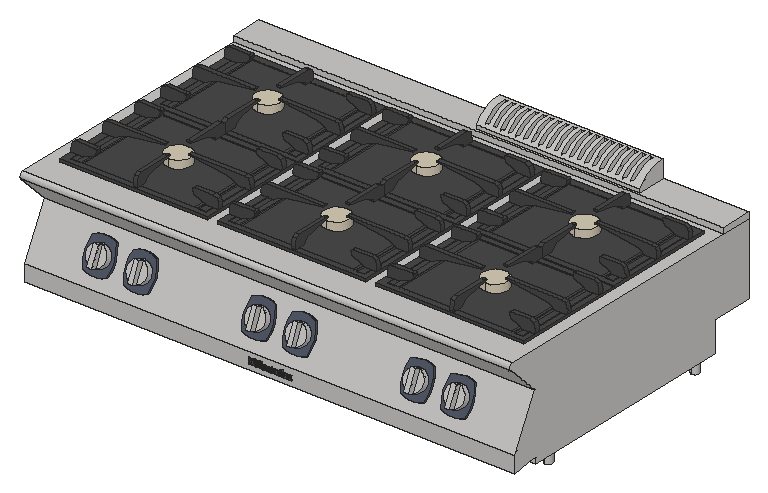
Revit family "QF_ELECTROLUXPROFESSIONAL_371004_E7GCGL6C00", category Specialty Equipment, Revit 2018
Family settings
  Round Connector Dimension = Use Diameter
  Part Type = Normal
  Work Plane-Based = No
  Always vertical = Yes
  Cut with Voids When Loaded = No
  Shared = No
  Room Calculation Point = No
Parameters
  Width = 1200 mm  # constant formula
  Weight in Pounds = 121  # constant formula
  Watts = 0 W
  URL Cutsheet = "www.electrolux.com"
  URL = "www.electrolux.com"
  Type Mark [instance] = ""
  Status [instance] = ""
  Specification by User [instance] = ""
  Specification by Manufacturer = ""
  Show Logo [instance] = yes
  Show Clearance [instance] = yes
  Serial Number = ""
  Seismic Rating = ""
  SMACNA No = ""
  Revision Code [instance] = ""
  Omniclass Number and Title = ""
  NAFEM Spec ID Number = ""
  Model = "371004"
  Mechanical Remarks [instance] = ""
  Mechanical Connection Type [instance] = ""
  Masterspec = ""
  Manufacturer = "ELECTROLUX"
  Item Number [instance] = ""
  Installed By [instance] = ""
  Identify Quantity as Lot [instance] = yes
  Height = 250.8 mm  # constant formula
  HP = "0 HP"
  Gas Size = 12.7 mm  # 1/2"
  Gas RI Height [instance] = 0 mm
  Gas KW [instance] = 33  # constant formula
  Gas Input [instance] = 32969.6 VA  # 112497.0 Btu/h
  Gas Connection Height = 0 mm
  Furnished By [instance] = ""
  Foodservice Equipment Identifier [instance] = yes
  Direct Waste Size = 0"
  Description = "700XP 6-Burner Gas Boiling Top"
  Depth = 730 mm  # constant formula
  CSI MasterFormat = ""
  CSI Master Format = ""
  Assembly Code = ""
Reference planes
  plane 1 "BACK": y = 0
  plane 2: z = 0
  plane 3 "LEFT": x = 0
  plane 4 "RIGHT": x = 1200
  plane 5 "FRONT": y = -730
  plane 6 "TOP": z = 303.188
  plane 7 "Center Y": x = 600
  plane 8 "Center X": y = -365
  plane 9 "Base Height": z = 23.813
  plane 10: z = 274.613
  plane 11: z = 331.787
Forms (mm)
  Extrusion 1, solid, material "QF_Finishes_Stainless Steel"
    sketch origin (0, 0, 0) x (0, 1, 0) y (0, 0, 1)
      loop
        line (0, 98.425) -> (0, 274.612) -> (-721.5, 274.612)
        arc (-721.5, 274.612) -> (-729.472, 269.285) -> (-727.602, 259.881) r 8.63
        line (-727.602, 259.881) -> (-654.039, 186.318) -> (-715.962, 68.584) -> (-715.962, 30.162) -> (-655.839, 38.612)
        arc (-655.839, 38.612) -> (-653.314, 37.864) -> (-652.222, 35.468) r 3.175
        line (-652.222, 35.468) -> (-652.222, 23.813) -> (-103.188, 23.813) -> (-103.188, 98.425) -> (0, 98.425)
    from 0 to 1200
  Extrusion 2, solid, material "QF_Finishes_Stainless Steel"
    sketch origin (0, 0, 0) x (0, 1, 0) y (0, 0, 1)
      loop
        line (0, 274.612) -> (0, 288.9) -> (-76.2, 288.9) -> (-76.2, 274.612) -> (0, 274.612)
    from 0 to 1200
  Extrusion 3, solid, material "QF_Finishes_Stainless Steel"
    sketch origin (0, 0, 0) x (1, 0, 0) y (0, 1, 0)
      loop
        circle (11.112, -149.225) r 9.525
      loop
        circle (1188.888, -149.225) r 9.525
      loop
        circle (11.112, -598.488) r 9.525
      loop
        circle (1188.888, -598.488) r 9.525
    from 0 to 23.812
  Extrusion 4, solid, material "QF_Finishes_Stainless Steel"
    sketch origin (0, -103.188, 23.813) x (0, 0, 1) y (1, 0, 0)
      loop
        circle (36.513, 1100) r 6.35
    from 0 to 26.988
  Extrusion 5, solid, material "QF_Finishes_Clearance", visible <- "Show Clearance", detail levels coarse
    sketch origin (0, 0, 0) x (1, 0, 0) y (0, 1, 0)
      loop
        line (0, -730) -> (0, 0) -> (1200, 0) -> (1200, -730) -> (1350, -730) -> (1350, 150) -> (-150, 150) -> (-150, -730) -> (0, -730)
    from 0 to 331.787
  Extrusion 6, solid, material "QF_Finishes_Navy Blue"
    sketch origin (-377.256, -713.772, 69.003) x (0, 0.418102, 0.9084) y (-1, 0, 0)
      loop
        arc (102.623, -510.47) -> (67.041, -502.846) -> (31.333, -509.853) r 90.5
        arc (31.333, -509.853) -> (24.507, -539.04) -> (31.333, -568.228) r 65.817
        arc (31.333, -568.228) -> (67.04, -575.188) -> (102.623, -567.615) r 91.066
        arc (102.623, -567.615) -> (109.179, -539.043) -> (102.623, -510.47) r 65.546
    from 0 to 3.175
  Extrusion 7, solid, material "QF_Finishes_Stainless Steel"
    sketch origin (1.494, -717.485, 68.529) x (0, 0.418102, 0.9084) y (-1, 0, 0)
      loop
        circle (68.826, -160.963) r 25.4
    from 0 to 12.7
  Extrusion 8, solid, material "QF_Finishes_Stainless Steel"
    sketch origin (1.494, -729.022, 73.839) x (0, 0.418102, 0.9084) y (-1, 0, 0)
      loop
        arc (93.558, -166.749) -> (94.226, -160.963) -> (93.558, -155.177) r 25.4
        line (93.558, -155.177) -> (44.094, -155.177)
        arc (44.094, -155.177) -> (43.426, -160.963) -> (44.094, -166.749) r 25.4
        line (44.094, -166.749) -> (93.558, -166.749)
    from 0 to 12.7
  Extrusion 9, solid, material "QF_Finishes_Navy Blue"
    sketch origin (-277.256, -713.772, 69.003) x (0, 0.418102, 0.9084) y (-1, 0, 0)
      loop
        arc (102.623, -510.47) -> (67.041, -502.846) -> (31.333, -509.853) r 90.5
        arc (31.333, -509.853) -> (24.507, -539.04) -> (31.333, -568.228) r 65.817
        arc (31.333, -568.228) -> (67.04, -575.188) -> (102.623, -567.615) r 91.066
        arc (102.623, -567.615) -> (109.179, -539.043) -> (102.623, -510.47) r 65.546
    from 0 to 3.175
  Extrusion 10, solid, material "QF_Finishes_Stainless Steel"
    sketch origin (101.494, -717.485, 68.529) x (0, 0.418102, 0.9084) y (-1, 0, 0)
      loop
        circle (68.826, -160.963) r 25.4
    from 0 to 12.7
  Extrusion 11, solid, material "QF_Finishes_Stainless Steel"
    sketch origin (101.494, -729.022, 73.839) x (0, 0.418102, 0.9084) y (-1, 0, 0)
      loop
        arc (93.558, -166.749) -> (94.226, -160.963) -> (93.558, -155.177) r 25.4
        line (93.558, -155.177) -> (44.094, -155.177)
        arc (44.094, -155.177) -> (43.426, -160.963) -> (44.094, -166.749) r 25.4
        line (44.094, -166.749) -> (93.558, -166.749)
    from 0 to 12.7
  Extrusion 12, solid, material "QF_Finishes_Navy Blue", visible <- "Show Logo"
    sketch origin (261.839, -715.962, 35.665) x (0, 0, 1) y (-1, 0, 0)
      loop
        line (20.674, -296.698) -> (8.307, -296.698)
        arc (8.307, -296.698) -> (14.491, -301.27) -> (20.674, -296.698) r 6.467
      loop
        arc (20.674, -296.069) -> (19.505, -290.926) -> (14.849, -288.448) r 6.338
        line (14.849, -288.448) -> (14.849, -290.494)
        arc (14.849, -290.494) -> (16.333, -294.149) -> (19.778, -296.069) r 5.941
        line (19.778, -296.069) -> (20.674, -296.069)
      loop
        arc (9.203, -296.069) -> (12.648, -294.149) -> (14.132, -290.494) r 5.941
        line (14.132, -290.494) -> (14.132, -288.448)
        arc (14.132, -288.448) -> (9.438, -290.922) -> (8.148, -296.069) r 6.504
        line (8.148, -296.069) -> (9.203, -296.069)
      loop
        line (21.349, -287.979) -> (7.604, -287.979) -> (7.604, -301.742) -> (21.349, -301.742) -> (21.349, -287.979)
      loop
        arc (21.432, -304.71) -> (21.085, -304.352) -> (20.718, -304.69) r 0.358
        arc (20.718, -304.69) -> (20.404, -305.44) -> (19.687, -305.825) r 1.216
        line (19.687, -305.825) -> (9.274, -305.825)
        arc (9.274, -305.825) -> (8.614, -305.548) -> (8.218, -304.951) r 1.238
        arc (8.218, -304.951) -> (7.823, -304.7) -> (7.518, -305.054) r 0.358
        line (7.518, -305.054) -> (7.518, -314.933) -> (10.269, -314.933) -> (10.269, -314.036)
        arc (10.269, -314.036) -> (9.36, -313.456) -> (8.904, -312.479) r 1.928
        line (8.904, -312.479) -> (8.904, -309.98)
        arc (8.904, -309.98) -> (9.18, -309.251) -> (9.868, -308.887) r 1.101
        line (9.868, -308.887) -> (13.955, -308.887) -> (13.955, -312.561)
        arc (13.955, -312.561) -> (13.602, -313.058) -> (13.037, -313.286) r 1.083
        arc (13.037, -313.286) -> (12.773, -313.591) -> (13.065, -313.869) r 0.292
        line (13.065, -313.869) -> (16.028, -313.869)
        arc (16.028, -313.869) -> (16.33, -313.596) -> (16.092, -313.266) r 0.305
        arc (16.092, -313.266) -> (15.601, -313.018) -> (15.296, -312.561) r 1.083
        line (15.296, -312.561) -> (15.296, -308.887) -> (19.973, -308.887) -> (19.973, -312.635)
        arc (19.973, -312.635) -> (19.759, -313.39) -> (19.153, -313.888) r 1.314
        arc (19.153, -313.888) -> (18.934, -314.292) -> (19.288, -314.585) r 0.361
        line (19.288, -314.585) -> (21.432, -314.585) -> (21.432, -304.71)
      loop
        arc (20.715, -315.365) -> (20.335, -316.284) -> (19.416, -316.664) r 1.299
        line (19.416, -316.664) -> (9.837, -316.664)
        arc (9.837, -316.664) -> (8.999, -316.286) -> (8.728, -315.408) r 1.118
        line (8.728, -315.408) -> (7.518, -315.408) -> (7.518, -320.758) -> (8.706, -320.758)
        arc (8.706, -320.758) -> (8.978, -319.841) -> (9.848, -319.445) r 1.153
        line (9.848, -319.445) -> (21.92, -319.445) -> (20.715, -315.365)
      loop
        line (12.483, -323.394) -> (12.483, -329.842) -> (13.282, -329.842)
        arc (13.282, -329.842) -> (15.862, -328.857) -> (17.131, -326.404) r 3.874
        line (17.131, -326.404) -> (17.131, -324.643)
        arc (17.131, -324.643) -> (15.944, -321.778) -> (13.08, -320.592) r 4.051
        line (13.08, -320.592) -> (11.072, -320.592)
        arc (11.072, -320.592) -> (8.253, -322.077) -> (7.202, -325.084) r 4.352
        arc (7.202, -325.084) -> (7.566, -327.547) -> (8.943, -329.621) r 5.713
        line (8.943, -329.621) -> (9.892, -329.621)
        arc (9.892, -329.621) -> (9.16, -328.052) -> (8.943, -326.334) r 5.579
        arc (8.943, -326.334) -> (9.737, -324.371) -> (11.616, -323.394) r 3.057
        line (11.616, -323.394) -> (12.483, -323.394)
      loop
        line (13.742, -323.394) -> (13.742, -326.977)
        arc (13.742, -326.977) -> (15.199, -327.024) -> (16.082, -325.864) r 1.59
        line (16.082, -325.864) -> (16.082, -325.034)
        arc (16.082, -325.034) -> (15.217, -323.779) -> (13.742, -323.394) r 2.184
      loop
        arc (16.533, -339.259) -> (17.022, -337.585) -> (17.179, -335.848) r 9.023
        line (17.179, -335.848) -> (17.179, -334.486)
        arc (17.179, -334.486) -> (16.02, -331.686) -> (13.22, -330.527) r 3.959
        line (13.22, -330.527) -> (10.62, -330.527)
        arc (10.62, -330.527) -> (8.338, -331.819) -> (7.221, -334.192) r 4.331
        line (7.221, -334.192) -> (7.221, -336.327)
        arc (7.221, -336.327) -> (7.729, -337.877) -> (8.651, -339.223) r 5.772
        arc (8.651, -339.223) -> (9.412, -339.274) -> (9.499, -338.515) r 0.553
        arc (9.499, -338.515) -> (9.111, -337.781) -> (8.977, -336.962) r 2.573
        line (8.977, -336.962) -> (8.977, -335.447)
        arc (8.977, -335.447) -> (9.983, -333.806) -> (11.798, -333.163) r 2.884
        line (11.798, -333.163) -> (13.077, -333.163)
        arc (13.077, -333.163) -> (14.898, -333.723) -> (15.824, -335.388) r 2.554
        line (15.824, -335.388) -> (15.824, -336.441)
        arc (15.824, -336.441) -> (15.493, -337.369) -> (14.836, -338.104) r 2.564
        arc (14.836, -338.104) -> (14.614, -338.821) -> (15.223, -339.259) r 0.643
        line (15.223, -339.259) -> (16.533, -339.259)
      loop
        line (15.515, -339.53) -> (15.515, -341.031) -> (9.467, -341.031)
        arc (9.467, -341.031) -> (7.879, -341.688) -> (7.221, -343.276) r 2.246
        line (7.221, -343.276) -> (7.221, -344.86)
        arc (7.221, -344.86) -> (7.535, -345.725) -> (8.035, -346.496) r 4.06
        arc (8.035, -346.496) -> (8.768, -346.629) -> (9.019, -345.928) r 0.576
        arc (9.019, -345.928) -> (8.913, -345.403) -> (8.977, -344.87) r 1.69
        arc (8.977, -344.87) -> (9.519, -344.082) -> (10.425, -343.779) r 1.506
        line (10.425, -343.779) -> (15.563, -343.779) -> (15.563, -346.176) -> (16.119, -346.733) -> (16.941, -346.733) -> (16.941, -343.873) -> (20.172, -343.873) -> (15.515, -339.53)
      loop
        line (7.438, -347.63) -> (7.438, -353.017) -> (8.548, -353.017)
        arc (8.548, -353.017) -> (8.942, -352.066) -> (9.893, -351.672) r 1.345
        line (9.893, -351.672) -> (13.509, -351.672)
        arc (13.509, -351.672) -> (14.274, -352.264) -> (14.564, -353.186) r 1.615
        line (14.564, -353.186) -> (14.564, -354.742) -> (17.119, -355.427) -> (17.119, -354.044) -> (15.177, -351.485) -> (17.057, -351.485) -> (16.773, -348.779)
        arc (16.773, -348.779) -> (16.333, -348.249) -> (15.674, -348.45) r 0.621
        arc (15.674, -348.45) -> (15.274, -348.792) -> (14.78, -348.975) r 1.501
        line (14.78, -348.975) -> (9.893, -348.975)
        arc (9.893, -348.975) -> (8.942, -348.581) -> (8.548, -347.63) r 1.345
        line (8.548, -347.63) -> (7.438, -347.63)
      loop
        line (13.54, -354.964) -> (10.848, -354.964)
        arc (10.848, -354.964) -> (8.403, -356.272) -> (7.269, -358.803) r 4.288
        arc (7.269, -358.803) -> (7.205, -360.183) -> (7.269, -361.563) r 15.022
        arc (7.269, -361.563) -> (8.403, -364.094) -> (10.848, -365.401) r 4.288
        line (10.848, -365.401) -> (13.54, -365.401)
        arc (13.54, -365.401) -> (15.986, -364.094) -> (17.119, -361.563) r 4.288
        arc (17.119, -361.563) -> (17.183, -360.183) -> (17.119, -358.803) r 15.022
        arc (17.119, -358.803) -> (15.986, -356.272) -> (13.54, -354.964) r 4.288
      loop
        line (13.745, -358.078) -> (10.643, -358.078)
        arc (10.643, -358.078) -> (8.486, -360.235) -> (10.643, -362.392) r 2.157
        line (10.643, -362.392) -> (13.745, -362.392)
        arc (13.745, -362.392) -> (15.902, -360.235) -> (13.745, -358.078) r 2.157
      loop
        arc (20.726, -365.26) -> (20.355, -366.154) -> (19.461, -366.524) r 1.264
        line (19.461, -366.524) -> (9.597, -366.524)
        arc (9.597, -366.524) -> (8.727, -366.127) -> (8.455, -365.211) r 1.153
        line (8.455, -365.211) -> (7.518, -365.211) -> (7.518, -370.319) -> (8.446, -370.319)
        arc (8.446, -370.319) -> (8.805, -369.547) -> (9.597, -369.232) r 1.153
        line (9.597, -369.232) -> (21.92, -369.232) -> (20.726, -365.26)
      loop
        arc (15.846, -369.857) -> (15.647, -370.921) -> (14.678, -371.403) r 1.215
        line (14.678, -371.403) -> (9.658, -371.403)
        arc (9.658, -371.403) -> (8.043, -372.051) -> (7.322, -373.634) r 2.338
        line (7.322, -373.634) -> (7.322, -375.148)
        arc (7.322, -375.148) -> (7.497, -376.152) -> (7.999, -377.038) r 2.979
        line (7.999, -377.038) -> (7.518, -378.835) -> (7.518, -380.524) -> (16.943, -380.524) -> (16.649, -376.32) -> (15.863, -376.32)
        arc (15.863, -376.32) -> (15.507, -377.156) -> (14.755, -377.665) r 1.605
        line (14.755, -377.665) -> (9.652, -377.665)
        arc (9.652, -377.665) -> (9.232, -376.728) -> (9.159, -375.704) r 2.94
        arc (9.159, -375.704) -> (9.72, -374.603) -> (10.873, -374.16) r 1.724
        line (10.873, -374.16) -> (17.07, -374.16) -> (15.846, -369.857)
      loop
        line (16.874, -381.377) -> (15.202, -383.423) -> (12.028, -385.729) -> (8.572, -382.617)
        arc (8.572, -382.617) -> (8.335, -382.223) -> (8.357, -381.764) r 0.789
        line (8.357, -381.764) -> (7.518, -381.764) -> (7.518, -385.309) -> (8.344, -385.309)
        arc (8.344, -385.309) -> (8.686, -384.947) -> (9.176, -385.039) r 0.52
        line (9.176, -385.039) -> (10.976, -386.51) -> (8.858, -387.886)
        arc (8.858, -387.886) -> (8.457, -387.576) -> (8.37, -387.076) r 0.7
        line (8.37, -387.076) -> (7.518, -387.076) -> (7.518, -393.003) -> (8.405, -393.003)
        arc (8.405, -393.003) -> (8.472, -392.344) -> (8.866, -391.813) r 1.247
        line (8.866, -391.813) -> (13.066, -388.532) -> (15.513, -390.585) -> (16.874, -392.327) -> (16.874, -388.604) -> (15.389, -389.026) -> (13.868, -387.749) -> (15.568, -386.559) -> (16.874, -387.336) -> (16.874, -381.377)
    from 0 to 1.644
  Extrusion 13, solid, material "QF_Finishes_Navy Blue"
    sketch origin (400.244, -713.772, 69.003) x (0, 0.418102, 0.9084) y (-1, 0, 0)
      loop
        arc (102.623, -510.47) -> (67.041, -502.846) -> (31.333, -509.853) r 90.5
        arc (31.333, -509.853) -> (24.507, -539.04) -> (31.333, -568.228) r 65.817
        arc (31.333, -568.228) -> (67.04, -575.188) -> (102.623, -567.615) r 91.066
        arc (102.623, -567.615) -> (109.179, -539.043) -> (102.623, -510.47) r 65.546
    from 0 to 3.175
  Extrusion 14, solid, material "QF_Finishes_Stainless Steel"
    sketch origin (778.994, -717.485, 68.529) x (0, 0.418102, 0.9084) y (-1, 0, 0)
      loop
        circle (68.826, -160.963) r 25.4
    from 0 to 12.7
  Extrusion 15, solid, material "QF_Finishes_Stainless Steel"
    sketch origin (778.994, -729.022, 73.839) x (0, 0.418102, 0.9084) y (-1, 0, 0)
      loop
        arc (93.558, -166.749) -> (94.226, -160.963) -> (93.558, -155.177) r 25.4
        line (93.558, -155.177) -> (44.094, -155.177)
        arc (44.094, -155.177) -> (43.426, -160.963) -> (44.094, -166.749) r 25.4
        line (44.094, -166.749) -> (93.558, -166.749)
    from 0 to 12.7
  Extrusion 16, solid, material "QF_Finishes_Navy Blue"
    sketch origin (500.244, -713.772, 69.003) x (0, 0.418102, 0.9084) y (-1, 0, 0)
      loop
        arc (102.623, -510.47) -> (67.041, -502.846) -> (31.333, -509.853) r 90.5
        arc (31.333, -509.853) -> (24.507, -539.04) -> (31.333, -568.228) r 65.817
        arc (31.333, -568.228) -> (67.04, -575.188) -> (102.623, -567.615) r 91.066
        arc (102.623, -567.615) -> (109.179, -539.043) -> (102.623, -510.47) r 65.546
    from 0 to 3.175
  Extrusion 17, solid, material "QF_Finishes_Stainless Steel"
    sketch origin (878.994, -717.485, 68.529) x (0, 0.418102, 0.9084) y (-1, 0, 0)
      loop
        circle (68.826, -160.963) r 25.4
    from 0 to 12.7
  Extrusion 18, solid, material "QF_Finishes_Stainless Steel"
    sketch origin (878.994, -729.022, 73.839) x (0, 0.418102, 0.9084) y (-1, 0, 0)
      loop
        arc (93.558, -166.749) -> (94.226, -160.963) -> (93.558, -155.177) r 25.4
        line (93.558, -155.177) -> (44.094, -155.177)
        arc (44.094, -155.177) -> (43.426, -160.963) -> (44.094, -166.749) r 25.4
        line (44.094, -166.749) -> (93.558, -166.749)
    from 0 to 12.7
  Extrusion 19, solid, material "QF_Finishes_Navy Blue"
    sketch origin (12.336, -713.772, 69.003) x (0, 0.418102, 0.9084) y (-1, 0, 0)
      loop
        arc (102.623, -510.47) -> (67.041, -502.846) -> (31.333, -509.853) r 90.5
        arc (31.333, -509.853) -> (24.507, -539.04) -> (31.333, -568.228) r 65.817
        arc (31.333, -568.228) -> (67.04, -575.188) -> (102.623, -567.615) r 91.066
        arc (102.623, -567.615) -> (109.179, -539.043) -> (102.623, -510.47) r 65.546
    from 0 to 3.175
  Extrusion 20, solid, material "QF_Finishes_Stainless Steel"
    sketch origin (391.086, -717.485, 68.529) x (0, 0.418102, 0.9084) y (-1, 0, 0)
      loop
        circle (68.826, -160.963) r 25.4
    from 0 to 12.7
  Extrusion 21, solid, material "QF_Finishes_Stainless Steel"
    sketch origin (391.086, -729.022, 73.839) x (0, 0.418102, 0.9084) y (-1, 0, 0)
      loop
        arc (93.558, -166.749) -> (94.226, -160.963) -> (93.558, -155.177) r 25.4
        line (93.558, -155.177) -> (44.094, -155.177)
        arc (44.094, -155.177) -> (43.426, -160.963) -> (44.094, -166.749) r 25.4
        line (44.094, -166.749) -> (93.558, -166.749)
    from 0 to 12.7
  Extrusion 22, solid, material "QF_Finishes_Navy Blue"
    sketch origin (112.336, -713.772, 69.003) x (0, 0.418102, 0.9084) y (-1, 0, 0)
      loop
        arc (102.623, -510.47) -> (67.041, -502.846) -> (31.333, -509.853) r 90.5
        arc (31.333, -509.853) -> (24.507, -539.04) -> (31.333, -568.228) r 65.817
        arc (31.333, -568.228) -> (67.04, -575.188) -> (102.623, -567.615) r 91.066
        arc (102.623, -567.615) -> (109.179, -539.043) -> (102.623, -510.47) r 65.546
    from 0 to 3.175
  Extrusion 23, solid, material "QF_Finishes_Stainless Steel"
    sketch origin (491.086, -717.485, 68.529) x (0, 0.418102, 0.9084) y (-1, 0, 0)
      loop
        circle (68.826, -160.963) r 25.4
    from 0 to 12.7
  Extrusion 24, solid, material "QF_Finishes_Stainless Steel"
    sketch origin (491.086, -729.022, 73.839) x (0, 0.418102, 0.9084) y (-1, 0, 0)
      loop
        arc (93.558, -166.749) -> (94.226, -160.963) -> (93.558, -155.177) r 25.4
        line (93.558, -155.177) -> (44.094, -155.177)
        arc (44.094, -155.177) -> (43.426, -160.963) -> (44.094, -166.749) r 25.4
        line (44.094, -166.749) -> (93.558, -166.749)
    from 0 to 12.7
  Extrusion 25, solid, material "QF_Finishes_Stainless Steel"
    sketch origin (190, 0, 14.288) x (0, 1, 0) y (0, 0, 1)
      loop
        line (0, 274.613) -> (0, 317.5)
        arc (0, 317.5) -> (-38.885, 309.109) -> (-69.85, 284.137) r 86.116
        line (-69.85, 284.137) -> (-69.85, 274.613) -> (0, 274.613)
    from 400 to 800
  Extrusion 26, void
    sketch origin (224.989, 0, 288.925) x (-1, 0, 0) y (0, -1, 0)
      loop
        line (-392.079, 6.761) -> (-382.783, 6.761) -> (-382.783, 63.911) -> (-392.079, 63.911) -> (-392.079, 6.761)
      loop
        line (-410.772, 6.761) -> (-401.476, 6.761) -> (-401.476, 63.911) -> (-410.772, 63.911) -> (-410.772, 6.761)
      loop
        line (-429.464, 6.761) -> (-420.169, 6.761) -> (-420.169, 63.911) -> (-429.464, 63.911) -> (-429.464, 6.761)
      loop
        line (-448.157, 6.761) -> (-438.861, 6.761) -> (-438.861, 63.911) -> (-448.157, 63.911) -> (-448.157, 6.761)
      loop
        line (-466.849, 6.761) -> (-457.554, 6.761) -> (-457.554, 63.911) -> (-466.849, 63.911) -> (-466.849, 6.761)
      loop
        line (-485.542, 6.761) -> (-476.246, 6.761) -> (-476.246, 63.911) -> (-485.542, 63.911) -> (-485.542, 6.761)
      loop
        line (-504.235, 6.761) -> (-494.939, 6.761) -> (-494.939, 63.911) -> (-504.235, 63.911) -> (-504.235, 6.761)
      loop
        line (-522.927, 6.761) -> (-513.632, 6.761) -> (-513.632, 63.911) -> (-522.927, 63.911) -> (-522.927, 6.761)
      loop
        line (-541.62, 6.761) -> (-532.324, 6.761) -> (-532.324, 63.911) -> (-541.62, 63.911) -> (-541.62, 6.761)
      loop
        line (-560.313, 6.761) -> (-551.017, 6.761) -> (-551.017, 63.911) -> (-560.313, 63.911) -> (-560.313, 6.761)
      loop
        line (-579.005, 6.761) -> (-569.709, 6.761) -> (-569.709, 63.911) -> (-579.005, 63.911) -> (-579.005, 6.761)
      loop
        line (-597.698, 6.761) -> (-588.402, 6.761) -> (-588.402, 63.911) -> (-597.698, 63.911) -> (-597.698, 6.761)
      loop
        line (-616.39, 6.761) -> (-607.095, 6.761) -> (-607.095, 63.911) -> (-616.39, 63.911) -> (-616.39, 6.761)
      loop
        line (-635.083, 6.761) -> (-625.787, 6.761) -> (-625.787, 63.911) -> (-635.083, 63.911) -> (-635.083, 6.761)
      loop
        line (-653.776, 6.761) -> (-644.48, 6.761) -> (-644.48, 63.911) -> (-653.776, 63.911) -> (-653.776, 6.761)
      loop
        line (-672.468, 6.761) -> (-663.172, 6.761) -> (-663.172, 63.911) -> (-672.468, 63.911) -> (-672.468, 6.761)
      loop
        line (-691.161, 6.761) -> (-681.865, 6.761) -> (-681.865, 63.911) -> (-691.161, 63.911) -> (-691.161, 6.761)
      loop
        line (-709.853, 6.761) -> (-700.558, 6.761) -> (-700.558, 63.911) -> (-709.853, 63.911) -> (-709.853, 6.761)
      loop
        line (-728.546, 6.761) -> (-719.25, 6.761) -> (-719.25, 63.911) -> (-728.546, 63.911) -> (-728.546, 6.761)
      loop
        line (-747.239, 6.761) -> (-737.943, 6.761) -> (-737.943, 63.911) -> (-747.239, 63.911) -> (-747.239, 6.761)
    from 9.525 to 45.348
Cuts and joins
  Extrusion 26 cuts Extrusion 5
  Extrusion 26 cuts Extrusion 25
Lines and regions (mm)
  symbolic lines
    curve 1: line (0, -730.129, 0) -> (1200, -730.129, 0)
    curve 2: line (0, 0, 0) -> (0, -730.129, 0)
    curve 3: line (1200, 0, 0) -> (0, 0, 0)
    curve 4: line (1200, -730.129, 0) -> (1200, 0, 0)
    curve 5: line (0, -76.2, 0) -> (1200, -76.2, 0)
    curve 6: line (0, -69.85, 0) -> (1200, -69.85, 0)
    curve 7: line (0, -715.963, 0) -> (1200, -715.963, 0)
    curve 11: line (607.772, -63.911, 0) -> (607.772, -6.761, 0)
    curve 12: line (607.772, -6.761, 0) -> (617.068, -6.761, 0)
    curve 13: line (617.068, -6.761, 0) -> (617.068, -63.911, 0)
    curve 14: line (617.068, -63.911, 0) -> (607.772, -63.911, 0)
    curve 15: line (626.465, -63.911, 0) -> (626.465, -6.761, 0)
    curve 16: line (626.465, -6.761, 0) -> (635.761, -6.761, 0)
    curve 17: line (635.761, -6.761, 0) -> (635.761, -63.911, 0)
    curve 18: line (635.761, -63.911, 0) -> (626.465, -63.911, 0)
    curve 19: line (645.158, -63.911, 0) -> (645.158, -6.761, 0)
    curve 20: line (645.158, -6.761, 0) -> (654.453, -6.761, 0)
    curve 21: line (654.453, -6.761, 0) -> (654.453, -63.911, 0)
    curve 22: line (654.453, -63.911, 0) -> (645.158, -63.911, 0)
    curve 23: line (663.85, -63.911, 0) -> (663.85, -6.761, 0)
    curve 24: line (663.85, -6.761, 0) -> (673.146, -6.761, 0)
    curve 25: line (673.146, -6.761, 0) -> (673.146, -63.911, 0)
    curve 26: line (673.146, -63.911, 0) -> (663.85, -63.911, 0)
    curve 27: line (682.543, -63.911, 0) -> (682.543, -6.761, 0)
    curve 28: line (682.543, -6.761, 0) -> (691.839, -6.761, 0)
    curve 29: line (691.839, -6.761, 0) -> (691.839, -63.911, 0)
    curve 30: line (691.839, -63.911, 0) -> (682.543, -63.911, 0)
    curve 31: line (701.235, -63.911, 0) -> (701.235, -6.761, 0)
    curve 32: line (701.235, -6.761, 0) -> (710.531, -6.761, 0)
    curve 33: line (710.531, -6.761, 0) -> (710.531, -63.911, 0)
    curve 34: line (710.531, -63.911, 0) -> (701.235, -63.911, 0)
    curve 35: line (719.928, -63.911, 0) -> (719.928, -6.761, 0)
    curve 36: line (719.928, -6.761, 0) -> (729.224, -6.761, 0)
    curve 37: line (729.224, -6.761, 0) -> (729.224, -63.911, 0)
    curve 38: line (729.224, -63.911, 0) -> (719.928, -63.911, 0)
    curve 39: line (738.621, -63.911, 0) -> (738.621, -6.761, 0)
    curve 40: line (738.621, -6.761, 0) -> (747.916, -6.761, 0)
    curve 41: line (747.916, -6.761, 0) -> (747.916, -63.911, 0)
    curve 42: line (747.916, -63.911, 0) -> (738.621, -63.911, 0)
    curve 43: line (757.313, -63.911, 0) -> (757.313, -6.761, 0)
    curve 44: line (757.313, -6.761, 0) -> (766.609, -6.761, 0)
    curve 45: line (766.609, -6.761, 0) -> (766.609, -63.911, 0)
    curve 46: line (766.609, -63.911, 0) -> (757.313, -63.911, 0)
    curve 47: line (776.006, -63.911, 0) -> (776.006, -6.761, 0)
    curve 48: line (776.006, -6.761, 0) -> (785.302, -6.761, 0)
    curve 49: line (785.302, -6.761, 0) -> (785.302, -63.911, 0)
    curve 50: line (785.302, -63.911, 0) -> (776.006, -63.911, 0)
    curve 51: line (794.698, -63.911, 0) -> (794.698, -6.761, 0)
    curve 52: line (794.698, -6.761, 0) -> (803.994, -6.761, 0)
    curve 53: line (803.994, -6.761, 0) -> (803.994, -63.911, 0)
    curve 54: line (803.994, -63.911, 0) -> (794.698, -63.911, 0)
    curve 55: line (813.391, -63.911, 0) -> (813.391, -6.761, 0)
    curve 56: line (813.391, -6.761, 0) -> (822.687, -6.761, 0)
    curve 57: line (822.687, -6.761, 0) -> (822.687, -63.911, 0)
    curve 58: line (822.687, -63.911, 0) -> (813.391, -63.911, 0)
    curve 59: line (832.084, -63.911, 0) -> (832.084, -6.761, 0)
    curve 60: line (832.084, -6.761, 0) -> (841.379, -6.761, 0)
    curve 61: line (841.379, -6.761, 0) -> (841.379, -63.911, 0)
    curve 62: line (841.379, -63.911, 0) -> (832.084, -63.911, 0)
    curve 63: line (962.932, -63.911, 0) -> (962.932, -6.761, 0)
    curve 64: line (962.932, -6.761, 0) -> (972.228, -6.761, 0)
    curve 65: line (972.228, -6.761, 0) -> (972.228, -63.911, 0)
    curve 66: line (972.228, -63.911, 0) -> (962.932, -63.911, 0)
    curve 67: line (944.239, -63.911, 0) -> (944.239, -6.761, 0)
    curve 68: line (944.239, -6.761, 0) -> (953.535, -6.761, 0)
    curve 69: line (953.535, -6.761, 0) -> (953.535, -63.911, 0)
    curve 70: line (953.535, -63.911, 0) -> (944.239, -63.911, 0)
    curve 71: line (925.547, -63.911, 0) -> (925.547, -6.761, 0)
    curve 72: line (925.547, -6.761, 0) -> (934.842, -6.761, 0)
    curve 73: line (934.842, -6.761, 0) -> (934.842, -63.911, 0)
    curve 74: line (934.842, -63.911, 0) -> (925.547, -63.911, 0)
    curve 75: line (906.854, -63.911, 0) -> (906.854, -6.761, 0)
    curve 76: line (906.854, -6.761, 0) -> (916.15, -6.761, 0)
    curve 77: line (916.15, -6.761, 0) -> (916.15, -63.911, 0)
    curve 78: line (916.15, -63.911, 0) -> (906.854, -63.911, 0)
    curve 79: line (888.161, -63.911, 0) -> (888.161, -6.761, 0)
    curve 80: line (888.161, -6.761, 0) -> (897.457, -6.761, 0)
    curve 81: line (897.457, -6.761, 0) -> (897.457, -63.911, 0)
    curve 82: line (897.457, -63.911, 0) -> (888.161, -63.911, 0)
    curve 83: line (869.469, -63.911, 0) -> (869.469, -6.761, 0)
    curve 84: line (869.469, -6.761, 0) -> (878.765, -6.761, 0)
    curve 85: line (878.765, -6.761, 0) -> (878.765, -63.911, 0)
    curve 86: line (878.765, -63.911, 0) -> (869.469, -63.911, 0)
    curve 87: line (850.776, -63.911, 0) -> (850.776, -6.761, 0)
    curve 88: line (850.776, -6.761, 0) -> (860.072, -6.761, 0)
    curve 89: line (860.072, -6.761, 0) -> (860.072, -63.911, 0)
    curve 90: line (860.072, -63.911, 0) -> (850.776, -63.911, 0)
  symbolic lines, style "QF-Clearances", visible <- "Show Clearance", detail levels coarse
    curve 8: line (-150, -730, 0) -> (-150, 150, 0)
    curve 9: line (-150, 150, 0) -> (1350, 150, 0)
    curve 10: line (1350, 150, 0) -> (1350, -730, 0)
Dimensions and locks
  equal spacing: plane 3 "LEFT", plane 7 "Center Y", plane 4 "RIGHT"
  "Width": plane 3 "LEFT" to plane 4 "RIGHT"
  equal spacing: plane 5 "FRONT", plane 8 "Center X", plane 1 "BACK"
  "Depth": plane 5 "FRONT" to plane 1 "BACK"
  plane 9 "Base Height" to level = 23.812 mm
  "Height": plane 10 to plane 9 "Base Height"
  plane 6 "TOP" to plane 10 = 28.575 mm
  plane 11 to level = 331.788 mm
  aligned and locked: level to plane 2
Automatic sketch dimensions
  Extrusion 1 sketch curve to plane 10 = 0 mm
  Extrusion 1 sketch curve to plane 9 "Base Height" = 0 mm
  Extrusion 1 sketch curve to plane 1 "BACK" = 0 mm
  Extrusion 1 sketch curve to Extrusion 1 sketch curve = 103.188 mm
  plane 9 "Base Height" to Extrusion 1 sketch curve = 11.656 mm
  Extrusion 1 sketch curve to plane 5 "FRONT" = 77.778 mm
  Extrusion 1 sketch curve to plane 5 "FRONT" = 75.961 mm
  Extrusion 1 sketch curve to Extrusion 1 sketch curve = 3.175 mm
  plane 9 "Base Height" to Extrusion 1 sketch curve = 14.8 mm
  plane 9 "Base Height" to Extrusion 1 sketch curve = 6.35 mm
  Extrusion 1 sketch curve to plane 5 "FRONT" = 14.038 mm
  Extrusion 1 sketch curve to plane 5 "FRONT" = 8.5 mm
  Extrusion 1 sketch curve to plane 5 "FRONT" = 2.398 mm
  Extrusion 1 sketch curve to Extrusion 1 sketch curve = 38.422 mm
  plane 9 "Base Height" to Extrusion 1 sketch curve = 74.612 mm
  Extrusion 1 sketch curve to plane 10 = 88.295 mm
  Extrusion 1 sketch curve to plane 10 = 14.732 mm
  Extrusion 2 sketch curve to plane 10 = 0 mm
  Extrusion 2 sketch curve to plane 1 "BACK" = 0 mm
  Extrusion 2 sketch curve to plane 6 "TOP" = 14.287 mm
  plane 1 "BACK" to Extrusion 2 sketch curve = 76.2 mm
  Extrusion 3 sketch curve to Extrusion 3 sketch curve = 0 mm  (x8)
  plane 3 "LEFT" to Extrusion 3 sketch curve = 11.112 mm  (x2)
  Extrusion 3 sketch curve to plane 4 "RIGHT" = 11.112 mm  (x2)
  Extrusion 3 sketch curve to plane 5 "FRONT" = 121.987 mm  (x2)
  Extrusion 3 sketch curve to Extrusion 3 sketch curve = 9.525 mm  (x4)
  plane 1 "BACK" to Extrusion 3 sketch curve = 158.75 mm  (x2)
  Extrusion 1 to Extrusion 4 sketch curve = 36.513 mm
  plane 5 "FRONT" to Extrusion 5 sketch curve = 0 mm  (x2)
  plane 1 "BACK" to Extrusion 5 sketch curve = 0 mm
  Extrusion 5 sketch curve to plane 3 "LEFT" = 0 mm
  Extrusion 5 sketch curve to plane 4 "RIGHT" = 0 mm
  Extrusion 5 sketch curve to plane 3 "LEFT" = 150 mm
  plane 4 "RIGHT" to Extrusion 5 sketch curve = 150 mm
  Extrusion 5 sketch curve to plane 1 "BACK" = 150 mm
  plane 3 "LEFT" to Extrusion 6 sketch curve = 132.596 mm
  Extrusion 6 sketch curve to Extrusion 6 sketch curve = 0 mm
  Extrusion 6 sketch curve to Extrusion 6 sketch curve = 12.3 mm  (x3)
  Extrusion 6 sketch curve to Extrusion 6 sketch curve = 34.925 mm  (x2)
  Extrusion 6 sketch curve to Extrusion 6 sketch curve = 46.691 mm
  Extrusion 6 sketch curve to Extrusion 6 sketch curve = 0.617 mm
  Extrusion 6 sketch curve to Extrusion 6 sketch curve = 28.57 mm
  Extrusion 6 sketch curve to Extrusion 6 sketch curve = 29.185 mm
  Extrusion 8 sketch curve to Extrusion 8 sketch curve = 24.732 mm
  Extrusion 8 sketch curve to Extrusion 8 sketch curve = 0 mm
  plane 3 "LEFT" to Extrusion 9 sketch curve = 232.596 mm
  Extrusion 9 sketch curve to Extrusion 9 sketch curve = 0 mm
  Extrusion 9 sketch curve to Extrusion 9 sketch curve = 12.3 mm  (x3)
  Extrusion 9 sketch curve to Extrusion 9 sketch curve = 34.925 mm  (x2)
  Extrusion 9 sketch curve to Extrusion 9 sketch curve = 46.691 mm
  Extrusion 9 sketch curve to Extrusion 9 sketch curve = 0.617 mm
  Extrusion 9 sketch curve to Extrusion 9 sketch curve = 28.57 mm
  Extrusion 9 sketch curve to Extrusion 9 sketch curve = 29.185 mm
  Extrusion 11 sketch curve to Extrusion 11 sketch curve = 24.732 mm
  Extrusion 11 sketch curve to Extrusion 11 sketch curve = 0 mm
  plane 9 "Base Height" to Extrusion 12 sketch curve = 14.013 mm
  plane 9 "Base Height" to Extrusion 12 sketch curve = 19.054 mm
  plane 7 "Center Y" to Extrusion 12 sketch curve = 6.699 mm
  Extrusion 12 sketch curve to Extrusion 12 sketch curve = 5.06 mm
  Extrusion 12 sketch curve to plane 7 "Center Y" = 3.969 mm
  Extrusion 12 sketch curve to Extrusion 12 sketch curve = 0 mm  (x28)
  Extrusion 12 sketch curve to Extrusion 12 sketch curve = 5.108 mm  (x2)
  Extrusion 12 sketch curve to Extrusion 12 sketch curve = 0.054 mm
  Extrusion 12 sketch curve to Extrusion 12 sketch curve = 0.218 mm
  Extrusion 12 sketch curve to Extrusion 12 sketch curve = 0.195 mm
  Extrusion 12 sketch curve to Extrusion 12 sketch curve = 0.249 mm
  plane 9 "Base Height" to Extrusion 12 sketch curve = 19.371 mm
  Extrusion 12 sketch curve to Extrusion 12 sketch curve = 0.087 mm
  Extrusion 12 sketch curve to Extrusion 12 sketch curve = 0.358 mm
  Extrusion 12 sketch curve to Extrusion 12 sketch curve = 0.481 mm
  Extrusion 12 sketch curve to Extrusion 12 sketch curve = 0.597 mm
  Extrusion 12 sketch curve to Extrusion 12 sketch curve = 0.544 mm
  Extrusion 12 sketch curve to Extrusion 12 sketch curve = 0.936 mm
  Extrusion 12 sketch curve to Extrusion 12 sketch curve = 0.594 mm
  Extrusion 12 sketch curve to Extrusion 12 sketch curve = 0.343 mm
  Extrusion 12 sketch curve to Extrusion 12 sketch curve = 0.159 mm
  Extrusion 12 sketch curve to Extrusion 12 sketch curve = 0.826 mm
  Extrusion 12 sketch curve to Extrusion 12 sketch curve = 0.839 mm
  Extrusion 12 sketch curve to Extrusion 12 sketch curve = 0.852 mm
  Extrusion 12 sketch curve to Extrusion 12 sketch curve = 0.887 mm
  Extrusion 12 sketch curve to Extrusion 12 sketch curve = 0.928 mm
  Extrusion 12 sketch curve to Extrusion 12 sketch curve = 0.938 mm
  Extrusion 12 sketch curve to Extrusion 12 sketch curve = 0.444 mm
  Extrusion 12 sketch curve to Extrusion 12 sketch curve = 1.11 mm  (x3)
  Extrusion 12 sketch curve to Extrusion 12 sketch curve = 0.215 mm
  plane 7 "Center Y" to Extrusion 12 sketch curve = 1.062 mm
  Extrusion 12 sketch curve to Extrusion 12 sketch curve = 1.43 mm
  Extrusion 12 sketch curve to Extrusion 12 sketch curve = 1.188 mm
  Extrusion 12 sketch curve to Extrusion 12 sketch curve = 1.21 mm  (x2)
  Extrusion 12 sketch curve to Extrusion 12 sketch curve = 0.503 mm
  Extrusion 12 sketch curve to Extrusion 12 sketch curve = 0.488 mm
  Extrusion 12 sketch curve to Extrusion 12 sketch curve = 0.462 mm
  Extrusion 12 sketch curve to Extrusion 12 sketch curve = 1.386 mm
  Extrusion 12 sketch curve to Extrusion 12 sketch curve = 1.742 mm  (x2)
  Extrusion 12 sketch curve to Extrusion 12 sketch curve = 0.821 mm
  Extrusion 12 sketch curve to Extrusion 12 sketch curve = 0.497 mm
  Extrusion 12 sketch curve to Extrusion 12 sketch curve = 0.539 mm
  Extrusion 12 sketch curve to Extrusion 12 sketch curve = 0.686 mm
  Extrusion 12 sketch curve to Extrusion 12 sketch curve = 0.408 mm
  Extrusion 12 sketch curve to Extrusion 12 sketch curve = 0.743 mm
  Extrusion 12 sketch curve to Extrusion 12 sketch curve = 1.16 mm
  Extrusion 12 sketch curve to Extrusion 12 sketch curve = 0.329 mm
  Extrusion 12 sketch curve to Extrusion 12 sketch curve = 1.054 mm
  Extrusion 12 sketch curve to Extrusion 12 sketch curve = 1.056 mm
  Extrusion 12 sketch curve to Extrusion 12 sketch curve = 0.129 mm
  Extrusion 12 sketch curve to Extrusion 12 sketch curve = 0.489 mm
  plane 7 "Center Y" to Extrusion 12 sketch curve = 0.355 mm
  Extrusion 12 sketch curve to Extrusion 12 sketch curve = 0.441 mm
  Extrusion 12 sketch curve to Extrusion 12 sketch curve = 1.151 mm
  Extrusion 12 sketch curve to Extrusion 12 sketch curve = 1.141 mm  (x2)
  Extrusion 12 sketch curve to Extrusion 12 sketch curve = 0.768 mm
  Extrusion 12 sketch curve to Extrusion 12 sketch curve = 1.653 mm
  Extrusion 12 sketch curve to Extrusion 12 sketch curve = 0.499 mm
  Extrusion 12 sketch curve to Extrusion 12 sketch curve = 0.964 mm
  Extrusion 12 sketch curve to Extrusion 12 sketch curve = 0.949 mm
  Extrusion 12 sketch curve to Extrusion 12 sketch curve = 1.345 mm  (x2)
  Extrusion 12 sketch curve to Extrusion 12 sketch curve = 1.101 mm
  Extrusion 12 sketch curve to Extrusion 12 sketch curve = 0.432 mm
  Extrusion 12 sketch curve to Extrusion 12 sketch curve = 1.142 mm
  Extrusion 12 sketch curve to Extrusion 12 sketch curve = 0.959 mm
  Extrusion 12 sketch curve to Extrusion 12 sketch curve = 0.176 mm
  Extrusion 12 sketch curve to Extrusion 12 sketch curve = 0.728 mm
  Extrusion 12 sketch curve to Extrusion 12 sketch curve = 3.375 mm  (x2)
  Extrusion 12 sketch curve to Extrusion 12 sketch curve = 0.541 mm
  Extrusion 12 sketch curve to Extrusion 12 sketch curve = 0.955 mm
  Extrusion 12 sketch curve to Extrusion 12 sketch curve = 1.251 mm
  Extrusion 12 sketch curve to Extrusion 12 sketch curve = 0.572 mm
  Extrusion 12 sketch curve to Extrusion 12 sketch curve = 1.92 mm
  Extrusion 12 sketch curve to Extrusion 12 sketch curve = 1.224 mm
  Extrusion 12 sketch curve to Extrusion 12 sketch curve = 0.745 mm
  Extrusion 12 sketch curve to Extrusion 12 sketch curve = 0.036 mm
  Extrusion 12 sketch curve to Extrusion 12 sketch curve = 0.896 mm  (x3)
  Extrusion 12 sketch curve to Extrusion 12 sketch curve = 2.607 mm
  Extrusion 12 sketch curve to Extrusion 12 sketch curve = 0.066 mm
  Extrusion 12 sketch curve to Extrusion 12 sketch curve = 0.248 mm
  Extrusion 12 sketch curve to Extrusion 12 sketch curve = 0.449 mm
  Extrusion 12 sketch curve to Extrusion 12 sketch curve = 1.052 mm
  Extrusion 12 sketch curve to Extrusion 12 sketch curve = 1.863 mm
  Extrusion 12 sketch curve to Extrusion 12 sketch curve = 1.31 mm  (x2)
  Extrusion 12 sketch curve to Extrusion 12 sketch curve = 0.901 mm
  Extrusion 12 sketch curve to Extrusion 12 sketch curve = 1.107 mm
  Extrusion 12 sketch curve to Extrusion 12 sketch curve = 2.122 mm
  Extrusion 12 sketch curve to Extrusion 12 sketch curve = 2.101 mm
  Extrusion 12 sketch curve to Extrusion 12 sketch curve = 0.106 mm
  Extrusion 12 sketch curve to Extrusion 12 sketch curve = 0.029 mm
  Extrusion 12 sketch curve to Extrusion 12 sketch curve = 2.09 mm
  Extrusion 12 sketch curve to Extrusion 12 sketch curve = 1.279 mm
  Extrusion 12 sketch curve to Extrusion 12 sketch curve = 2.008 mm
  Extrusion 12 sketch curve to Extrusion 12 sketch curve = 0.738 mm
  Extrusion 12 sketch curve to Extrusion 12 sketch curve = 0.382 mm
  Extrusion 12 sketch curve to Extrusion 12 sketch curve = 0.384 mm
  Extrusion 12 sketch curve to Extrusion 12 sketch curve = 0.002 mm
  Extrusion 12 sketch curve to Extrusion 12 sketch curve = 0.561 mm
  Extrusion 12 sketch curve to Extrusion 12 sketch curve = 0.592 mm
  Extrusion 12 sketch curve to Extrusion 12 sketch curve = 2.692 mm
  Extrusion 12 sketch curve to Extrusion 12 sketch curve = 1.259 mm
  Extrusion 12 sketch curve to Extrusion 12 sketch curve = 0.802 mm
  Extrusion 12 sketch curve to Extrusion 12 sketch curve = 1.024 mm  (x2)
  Extrusion 12 sketch curve to Extrusion 12 sketch curve = 0.682 mm
  Extrusion 12 sketch curve to Extrusion 12 sketch curve = 5.934 mm
  Extrusion 12 sketch curve to Extrusion 12 sketch curve = 2.186 mm
  Extrusion 12 sketch curve to Extrusion 12 sketch curve = 0.337 mm
  Extrusion 12 sketch curve to Extrusion 12 sketch curve = 0.021 mm
  Extrusion 12 sketch curve to Extrusion 12 sketch curve = 1.005 mm
  Extrusion 12 sketch curve to Extrusion 12 sketch curve = 0.552 mm
  Extrusion 12 sketch curve to Extrusion 12 sketch curve = 0.778 mm
  Extrusion 12 sketch curve to Extrusion 12 sketch curve = 0.063 mm
  Extrusion 12 sketch curve to Extrusion 12 sketch curve = 1.023 mm
  Extrusion 12 sketch curve to Extrusion 12 sketch curve = 3.804 mm
  Extrusion 12 sketch curve to Extrusion 12 sketch curve = 0.486 mm
  Extrusion 12 sketch curve to Extrusion 12 sketch curve = 0.266 mm  (x2)
  Extrusion 12 sketch curve to plane 7 "Center Y" = 0.057 mm
  Extrusion 12 sketch curve to Extrusion 12 sketch curve = 1.547 mm
  Extrusion 12 sketch curve to Extrusion 12 sketch curve = 0.717 mm  (x2)
  Extrusion 12 sketch curve to Extrusion 12 sketch curve = 1.667 mm
  Extrusion 12 sketch curve to Extrusion 12 sketch curve = 3.174 mm
  plane 7 "Center Y" to Extrusion 12 sketch curve = 1.099 mm
  Extrusion 12 sketch curve to Extrusion 12 sketch curve = 0.388 mm
  Extrusion 12 sketch curve to Extrusion 12 sketch curve = 1.342 mm
  Extrusion 12 sketch curve to Extrusion 12 sketch curve = 1.521 mm
  Extrusion 12 sketch curve to Extrusion 12 sketch curve = 0.124 mm
  Extrusion 12 sketch curve to Extrusion 12 sketch curve = 0.291 mm
  plane 7 "Center Y" to Extrusion 12 sketch curve = 8.016 mm
  Extrusion 12 sketch curve to Extrusion 12 sketch curve = 1.049 mm  (x2)
  Extrusion 12 sketch curve to Extrusion 12 sketch curve = 1.7 mm
  Extrusion 12 sketch curve to Extrusion 12 sketch curve = 0.894 mm
  Extrusion 12 sketch curve to plane 7 "Center Y" = 1.719 mm
  Extrusion 12 sketch curve to Extrusion 12 sketch curve = 1.168 mm
  Extrusion 12 sketch curve to Extrusion 12 sketch curve = 1.594 mm
  Extrusion 12 sketch curve to Extrusion 12 sketch curve = 0.731 mm
  Extrusion 12 sketch curve to Extrusion 12 sketch curve = 1.566 mm
  Extrusion 12 sketch curve to Extrusion 12 sketch curve = 0.064 mm
  plane 7 "Center Y" to Extrusion 12 sketch curve = 8.572 mm
  Extrusion 12 sketch curve to Extrusion 12 sketch curve = 0.556 mm  (x2)
  Extrusion 12 sketch curve to Extrusion 12 sketch curve = 0.48 mm
  Extrusion 12 sketch curve to Extrusion 12 sketch curve = 1.018 mm
  Extrusion 12 sketch curve to Extrusion 12 sketch curve = 0.787 mm
  Extrusion 12 sketch curve to Extrusion 12 sketch curve = 0.618 mm
  Extrusion 12 sketch curve to Extrusion 12 sketch curve = 1.672 mm
  Extrusion 12 sketch curve to Extrusion 12 sketch curve = 1.361 mm
  Extrusion 12 sketch curve to Extrusion 12 sketch curve = 0.822 mm
  Extrusion 12 sketch curve to Extrusion 12 sketch curve = 0.069 mm
  Extrusion 12 sketch curve to Extrusion 12 sketch curve = 1.88 mm
  Extrusion 12 sketch curve to Extrusion 12 sketch curve = 0.42 mm
  Extrusion 12 sketch curve to Extrusion 12 sketch curve = 0.062 mm
  Extrusion 12 sketch curve to Extrusion 12 sketch curve = 1.355 mm
  Extrusion 12 sketch curve to Extrusion 12 sketch curve = 2.34 mm
  Extrusion 12 sketch curve to Extrusion 12 sketch curve = 0.493 mm
  Extrusion 12 sketch curve to Extrusion 12 sketch curve = 0.136 mm
  Extrusion 12 sketch curve to Extrusion 12 sketch curve = 0.128 mm
  Extrusion 12 sketch curve to Extrusion 12 sketch curve = 3.616 mm
  Extrusion 12 sketch curve to Extrusion 12 sketch curve = 4.207 mm
  Extrusion 12 sketch curve to Extrusion 12 sketch curve = 0.183 mm
  Extrusion 12 sketch curve to Extrusion 12 sketch curve = 0.895 mm
  Extrusion 12 sketch curve to Extrusion 12 sketch curve = 1.314 mm
  Extrusion 12 sketch curve to Extrusion 12 sketch curve = 3.231 mm
  Extrusion 12 sketch curve to Extrusion 12 sketch curve = 1.299 mm
  Extrusion 12 sketch curve to Extrusion 12 sketch curve = 1.214 mm
  Extrusion 12 sketch curve to Extrusion 12 sketch curve = 1.264 mm
  Extrusion 12 sketch curve to Extrusion 12 sketch curve = 0.109 mm
  Extrusion 12 sketch curve to Extrusion 12 sketch curve = 0.357 mm
  Extrusion 12 sketch curve to Extrusion 12 sketch curve = 0.565 mm
  Extrusion 12 sketch curve to Extrusion 12 sketch curve = 2.504 mm
  Extrusion 12 sketch curve to Extrusion 12 sketch curve = 2.459 mm
  Extrusion 12 sketch curve to Extrusion 12 sketch curve = 1.322 mm
  Extrusion 12 sketch curve to Extrusion 12 sketch curve = 2.77 mm
  Extrusion 12 sketch curve to Extrusion 12 sketch curve = 2.51 mm
  Extrusion 12 sketch curve to Extrusion 12 sketch curve = 0.187 mm
  Extrusion 12 sketch curve to Extrusion 12 sketch curve = 2.559 mm
  Extrusion 12 sketch curve to Extrusion 12 sketch curve = 1.556 mm
  Extrusion 12 sketch curve to Extrusion 12 sketch curve = 0.222 mm
  Extrusion 12 sketch curve to Extrusion 12 sketch curve = 1.383 mm
  Extrusion 12 sketch curve to Extrusion 12 sketch curve = 3.114 mm
  Extrusion 12 sketch curve to Extrusion 12 sketch curve = 3.376 mm
  Extrusion 12 sketch curve to Extrusion 12 sketch curve = 0.934 mm
  Extrusion 12 sketch curve to Extrusion 12 sketch curve = 0.191 mm
  Extrusion 12 sketch curve to Extrusion 12 sketch curve = 3.696 mm
  Extrusion 12 sketch curve to Extrusion 12 sketch curve = 2.708 mm
  Extrusion 12 sketch curve to Extrusion 12 sketch curve = 3.333 mm
  Extrusion 12 sketch curve to Extrusion 12 sketch curve = 0.332 mm
  Extrusion 12 sketch curve to Extrusion 12 sketch curve = 1.087 mm
  Extrusion 12 sketch curve to Extrusion 12 sketch curve = 2.23 mm
  Extrusion 12 sketch curve to Extrusion 12 sketch curve = 2.757 mm
  Extrusion 12 sketch curve to Extrusion 12 sketch curve = 0.987 mm
  Extrusion 12 sketch curve to Extrusion 12 sketch curve = 1.529 mm
  Extrusion 12 sketch curve to Extrusion 12 sketch curve = 1.796 mm
  Extrusion 12 sketch curve to Extrusion 12 sketch curve = 2.859 mm
  Extrusion 12 sketch curve to Extrusion 12 sketch curve = 0.853 mm
  Extrusion 12 sketch curve to Extrusion 12 sketch curve = 1.241 mm
  Extrusion 12 sketch curve to Extrusion 12 sketch curve = 2.046 mm  (x2)
  Extrusion 12 sketch curve to Extrusion 12 sketch curve = 2.422 mm
  Extrusion 12 sketch curve to Extrusion 12 sketch curve = 0.27 mm  (x2)
  Extrusion 12 sketch curve to Extrusion 12 sketch curve = 0.69 mm
  Extrusion 12 sketch curve to Extrusion 12 sketch curve = 0.781 mm  (x2)
  Extrusion 12 sketch curve to Extrusion 12 sketch curve = 3.136 mm
  Extrusion 12 sketch curve to Extrusion 12 sketch curve = 1.767 mm
  Extrusion 12 sketch curve to Extrusion 12 sketch curve = 0.138 mm
  Extrusion 12 sketch curve to Extrusion 12 sketch curve = 0.777 mm
  Extrusion 12 sketch curve to Extrusion 12 sketch curve = 1.19 mm
  Extrusion 12 sketch curve to Extrusion 12 sketch curve = 0.782 mm
  Extrusion 12 sketch curve to Extrusion 12 sketch curve = 1.268 mm
  Extrusion 12 sketch curve to Extrusion 12 sketch curve = 0.422 mm  (x2)
  Extrusion 12 sketch curve to Extrusion 12 sketch curve = 1.559 mm
  Extrusion 12 sketch curve to Extrusion 12 sketch curve = 3.927 mm
  Extrusion 12 sketch curve to Extrusion 12 sketch curve = 0.983 mm
  Extrusion 12 sketch curve to Extrusion 12 sketch curve = 1.134 mm
  Extrusion 12 sketch curve to Extrusion 12 sketch curve = 0.094 mm
  Extrusion 12 sketch curve to Extrusion 12 sketch curve = 1.584 mm
  Extrusion 12 sketch curve to Extrusion 12 sketch curve = 0.916 mm
  Extrusion 12 sketch curve to Extrusion 12 sketch curve = 0.352 mm
  Extrusion 12 sketch curve to Extrusion 12 sketch curve = 0.458 mm
  Extrusion 12 sketch curve to Extrusion 12 sketch curve = 1.282 mm
  Extrusion 12 sketch curve to Extrusion 12 sketch curve = 0.685 mm
  Extrusion 12 sketch curve to Extrusion 12 sketch curve = 0.905 mm
  Extrusion 12 sketch curve to Extrusion 12 sketch curve = 2.865 mm
  Extrusion 12 sketch curve to Extrusion 12 sketch curve = 0.472 mm
  Extrusion 12 sketch curve to Extrusion 12 sketch curve = 0.101 mm
  Extrusion 12 sketch curve to Extrusion 12 sketch curve = 0.54 mm
  Extrusion 12 sketch curve to Extrusion 12 sketch curve = 0.02 mm
  Extrusion 12 sketch curve to Extrusion 12 sketch curve = 0.468 mm
  Extrusion 12 sketch curve to Extrusion 12 sketch curve = 0.829 mm
  Extrusion 12 sketch curve to Extrusion 12 sketch curve = 0.582 mm
  Extrusion 12 sketch curve to Extrusion 12 sketch curve = 0.166 mm
  Extrusion 12 sketch curve to Extrusion 12 sketch curve = 0.16 mm
  Extrusion 12 sketch curve to Extrusion 12 sketch curve = 2.781 mm
  Extrusion 12 sketch curve to Extrusion 12 sketch curve = 1.118 mm
  Extrusion 12 sketch curve to Extrusion 12 sketch curve = 0.613 mm
  Extrusion 12 sketch curve to Extrusion 12 sketch curve = 0.361 mm
  Extrusion 12 sketch curve to Extrusion 12 sketch curve = 0.897 mm
  Extrusion 12 sketch curve to Extrusion 12 sketch curve = 0.167 mm
  Extrusion 12 sketch curve to Extrusion 12 sketch curve = 0.292 mm
  Extrusion 12 sketch curve to Extrusion 12 sketch curve = 0.305 mm
  Extrusion 12 sketch curve to Extrusion 12 sketch curve = 1.557 mm
  Extrusion 12 sketch curve to Extrusion 12 sketch curve = 2.499 mm
  Extrusion 12 sketch curve to Extrusion 12 sketch curve = 3.062 mm
  Extrusion 12 sketch curve to Extrusion 12 sketch curve = 2.968 mm
  Extrusion 12 sketch curve to Extrusion 12 sketch curve = 5.044 mm
  Extrusion 12 sketch curve to Extrusion 12 sketch curve = 0.629 mm  (x2)
  Extrusion 12 sketch curve to Extrusion 12 sketch curve = 1.131 mm
  Extrusion 12 sketch curve to Extrusion 12 sketch curve = 0.137 mm
  Extrusion 12 sketch curve to Extrusion 12 sketch curve = 0.027 mm
  Extrusion 12 sketch curve to Extrusion 12 sketch curve = 2.235 mm
  Extrusion 13 sketch curve to plane 4 "RIGHT" = 289.904 mm
  Extrusion 13 sketch curve to Extrusion 13 sketch curve = 0 mm
  Extrusion 13 sketch curve to Extrusion 13 sketch curve = 12.3 mm  (x3)
  Extrusion 13 sketch curve to Extrusion 13 sketch curve = 34.925 mm  (x2)
  Extrusion 13 sketch curve to Extrusion 13 sketch curve = 46.691 mm
  Extrusion 13 sketch curve to Extrusion 13 sketch curve = 0.617 mm
  Extrusion 13 sketch curve to Extrusion 13 sketch curve = 28.57 mm
  Extrusion 13 sketch curve to Extrusion 13 sketch curve = 29.185 mm
  Extrusion 15 sketch curve to Extrusion 15 sketch curve = 24.732 mm
  Extrusion 15 sketch curve to Extrusion 15 sketch curve = 0 mm
  Extrusion 16 sketch curve to plane 4 "RIGHT" = 189.904 mm
  Extrusion 16 sketch curve to Extrusion 16 sketch curve = 0 mm
  Extrusion 16 sketch curve to Extrusion 16 sketch curve = 12.3 mm  (x3)
  Extrusion 16 sketch curve to Extrusion 16 sketch curve = 34.925 mm  (x2)
  Extrusion 16 sketch curve to Extrusion 16 sketch curve = 46.691 mm
  Extrusion 16 sketch curve to Extrusion 16 sketch curve = 0.617 mm
  Extrusion 16 sketch curve to Extrusion 16 sketch curve = 28.57 mm
  Extrusion 16 sketch curve to Extrusion 16 sketch curve = 29.185 mm
  Extrusion 18 sketch curve to Extrusion 18 sketch curve = 24.732 mm
  Extrusion 18 sketch curve to Extrusion 18 sketch curve = 0 mm
  Extrusion 19 sketch curve to plane 7 "Center Y" = 77.812 mm
  Extrusion 19 sketch curve to plane 7 "Center Y" = 19.436 mm
  Extrusion 19 sketch curve to Extrusion 19 sketch curve = 0 mm
  Extrusion 19 sketch curve to Extrusion 19 sketch curve = 12.3 mm  (x3)
  plane 7 "Center Y" to Extrusion 19 sketch curve = 5.678 mm
  Extrusion 19 sketch curve to Extrusion 19 sketch curve = 34.925 mm  (x2)
  Extrusion 19 sketch curve to Extrusion 19 sketch curve = 46.691 mm
  Extrusion 19 sketch curve to plane 7 "Center Y" = 20.049 mm
  Extrusion 21 sketch curve to Extrusion 21 sketch curve = 24.732 mm
  Extrusion 21 sketch curve to Extrusion 21 sketch curve = 0 mm
  plane 7 "Center Y" to Extrusion 22 sketch curve = 22.188 mm
  Extrusion 22 sketch curve to Extrusion 22 sketch curve = 0 mm
  Extrusion 22 sketch curve to Extrusion 22 sketch curve = 12.3 mm  (x3)
  Extrusion 22 sketch curve to Extrusion 22 sketch curve = 34.925 mm  (x2)
  Extrusion 22 sketch curve to plane 7 "Center Y" = 3.539 mm
  Extrusion 22 sketch curve to Extrusion 22 sketch curve = 46.691 mm
  plane 7 "Center Y" to Extrusion 22 sketch curve = 22.805 mm
  Extrusion 22 sketch curve to Extrusion 22 sketch curve = 25.114 mm
  Extrusion 24 sketch curve to Extrusion 24 sketch curve = 24.732 mm
  Extrusion 24 sketch curve to Extrusion 24 sketch curve = 0 mm
  Extrusion 25 sketch curve to plane 1 "BACK" = 0 mm
  Extrusion 25 sketch curve to plane 11 = 0 mm
  plane 1 "BACK" to Extrusion 25 sketch curve = 1.769 mm
  Extrusion 25 sketch curve to plane 6 "TOP" = 4.763 mm
  plane 1 "BACK" to Extrusion 25 sketch curve = 69.85 mm
  Extrusion 25 sketch curve to plane 6 "TOP" = 14.287 mm
  plane 1 "BACK" to Extrusion 26 sketch curve = 63.911 mm  (x2)
  Extrusion 26 sketch curve to plane 4 "RIGHT" = 227.772 mm
  Extrusion 26 sketch curve to Extrusion 26 sketch curve = 9.296 mm  (x19)
  Extrusion 26 sketch curve to Extrusion 26 sketch curve = 9.397 mm  (x19)
  plane 7 "Center Y" to Extrusion 26 sketch curve = 7.772 mm
  Extrusion 26 sketch curve to Extrusion 26 sketch curve = 0 mm  (x18)
  plane 1 "BACK" to Extrusion 26 sketch curve = 6.761 mm  (x20)
  plane 5 "FRONT" to curve 8 = 0 mm
  curve 2 to plane 3 "LEFT" = 0 mm
  curve 1 to plane 4 "RIGHT" = 0 mm
  plane 5 "FRONT" to curve 10 = 0 mm
  plane 1 "BACK" to curve 3 = 0 mm
  curve 8 to plane 3 "LEFT" = 150 mm
  plane 7 "Center Y" to curve 14 = 7.772 mm
  curve 12 to curve 12 = 9.296 mm
  curve 12 to curve 16 = 9.397 mm
  curve 15 to curve 17 = 9.296 mm
  curve 17 to curve 22 = 9.397 mm
  curve 19 to curve 21 = 9.296 mm
  curve 20 to curve 23 = 9.397 mm
  curve 23 to curve 25 = 9.296 mm
  curve 25 to curve 27 = 9.397 mm
  curve 27 to curve 30 = 9.296 mm
  curve 29 to curve 31 = 9.397 mm
  curve 31 to curve 33 = 9.296 mm
  curve 33 to curve 38 = 9.397 mm
  curve 38 to curve 38 = 9.296 mm
  curve 37 to curve 42 = 9.397 mm
  curve 39 to curve 41 = 9.296 mm
  curve 40 to curve 43 = 9.397 mm
  curve 43 to curve 45 = 9.296 mm
  curve 45 to curve 47 = 9.397 mm
  curve 47 to curve 50 = 9.296 mm
  curve 48 to curve 52 = 9.397 mm
  curve 51 to curve 53 = 9.296 mm
  curve 52 to curve 55 = 9.397 mm
  curve 55 to curve 56 = 9.296 mm
  curve 56 to curve 60 = 9.397 mm
  curve 59 to curve 62 = 9.296 mm
  curve 61 to curve 87 = 9.397 mm
  curve 87 to curve 89 = 9.296 mm
  curve 89 to curve 86 = 9.397 mm
  curve 83 to curve 85 = 9.296 mm
  curve 85 to curve 82 = 9.397 mm
  curve 79 to curve 80 = 9.296 mm
  curve 80 to curve 76 = 9.397 mm
  curve 75 to curve 77 = 9.296 mm
  curve 77 to curve 74 = 9.397 mm
  curve 71 to curve 73 = 9.296 mm
  curve 73 to curve 67 = 9.397 mm
  curve 67 to curve 68 = 9.296 mm
  curve 68 to curve 63 = 9.397 mm
  curve 63 to curve 65 = 9.296 mm
  plane 4 "RIGHT" to curve 10 = 150 mm
  curve 7 to plane 5 "FRONT" = 14.037 mm
  plane 1 "BACK" to curve 5 = 76.2 mm
  curve 5 to curve 6 = 6.35 mm
  plane 1 "BACK" to curve 87 = 63.911 mm
  curve 89 to curve 86 = 0 mm
  curve 85 to curve 82 = 0 mm
  plane 1 "BACK" to curve 11 = 63.911 mm
  curve 81 to curve 78 = 0 mm
  curve 13 to curve 15 = 0 mm
  curve 77 to curve 74 = 0 mm
  curve 17 to curve 19 = 0 mm
  curve 73 to curve 70 = 0 mm
  curve 21 to curve 23 = 0 mm
  curve 69 to curve 66 = 0 mm
  curve 25 to curve 27 = 0 mm
  curve 62 to curve 87 = 0 mm
  curve 29 to curve 31 = 0 mm
  curve 58 to curve 59 = 0 mm
  curve 33 to curve 35 = 0 mm
  curve 54 to curve 55 = 0 mm
  curve 37 to curve 39 = 0 mm
  curve 50 to curve 51 = 0 mm
  curve 41 to curve 43 = 0 mm
  plane 1 "BACK" to curve 45 = 6.761 mm
